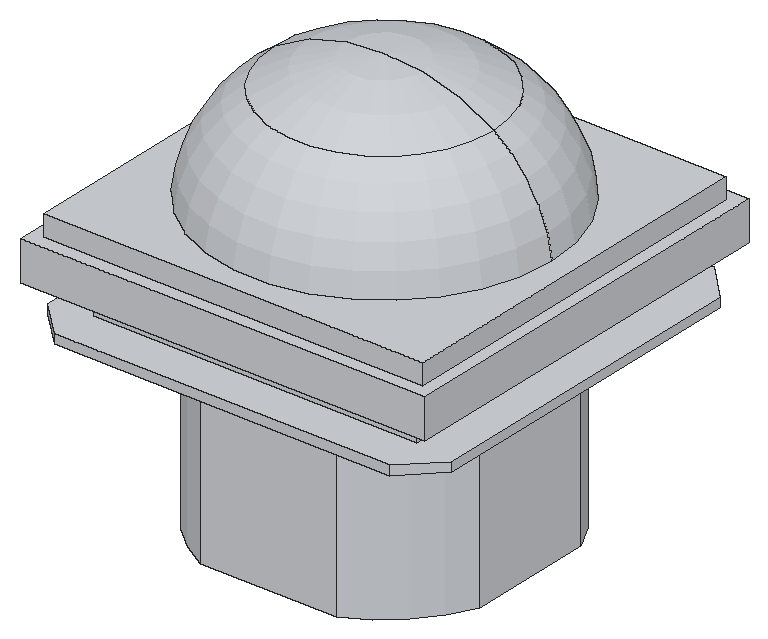
Revit family "Gira_126566", category Electrical Fixtures, host Face, Revit 2017
Family settings
  Host = Face
  Maintain Annotation Orientation = Yes
  Round Connector Dimension = Use Diameter
  Part Type = Normal
  Cut with Voids When Loaded = No
  Shared = No
  Room Calculation Point = No
Parameters (values of type "Farbkamera Türstation Gira TX_44 (WG UP) Reinweiß")
  Werkstoff = "sonstige"
  URL = "http://katalog.gira.de/de_DE/datenblatt.html?artikelnr=126566"
  Region = "DE"
  Name = "Farbkamera Türstation Gira TX_44 (WG UP) Reinweiß"
  Montageart = "Einbau"
  Manufacturer URL = "https://www.gira.de/"
  Keynote = "TX44_Komplettgerät_Kamera"
  Installationstechnik = "Bus-System"
  HeinzeBIM = "https://bimportal.heinze.de/bim/farbkamera-tuerstation-gira-tx-44-wg-up-reinweiss/17e3f4063c877b01f21bf8ef42e4291bcc6c2846"
  HAN = "126566"
  GTIN = "4010337265665"
  Farbe = "weiß"
  Default Elevation = 1219.2 mm
  Data sheet (1) = "https://katalog.gira.de/de_DE/download.html?artikelnr=126566"
  Category = "Externe Kamera für Türkommunikation"
  Available = "Yes"
Reference planes
  plane 1 "Center (Front/Back)": y = 0
  plane 2: z = 0
  plane 3 "Center (Left/Right)": x = 0
Forms (mm)
  Revolve 1, solid, detail levels fine
    sketch origin (0, 0, 0) x (1, 0, 0) y (0, 0, 1)
      loop
        arc (0, 32.748) -> (-9.934, 31.444) -> (-19.061, 27.309) r 34.111
        arc (-19.061, 27.309) -> (-26.095, 20.079) -> (-29.256, 10.5) r 22.465
        line (-29.256, 10.5) -> (0, 10.5) -> (0, 32.748)
      axis (0, 32.748) -> (0, 10.5)
    angle from 0 to 360
  Extrusion 2, solid, detail levels fine
    sketch origin (0, 0, 0) x (1, 0, 0) y (0, 1, 0)
      loop
        line (-33.15, 33.15) -> (-33.15, -33.15) -> (33.15, -33.15) -> (33.15, 33.15) -> (-33.15, 33.15)
    from 6.9 to 10.5
  Extrusion 3, solid, detail levels fine
    sketch origin (0, 0, 0) x (1, 0, 0) y (0, 1, 0)
      loop
        line (-35.383, -35.464) -> (35.383, -35.464) -> (35.383, 35.383) -> (-35.383, 35.383) -> (-35.383, -35.464)
    from 0 to 6.9
  Extrusion 4, solid, detail levels fine
    sketch origin (0, 0, 0) x (1, 0, 0) y (0, 1, 0)
      loop
        line (-25.6, 11.011) -> (-25.6, -11.175)
        arc (-25.6, -11.175) -> (-20.039, -19.494) -> (-11.9, -25.317) r 27.9
        line (-11.9, -25.317) -> (11.9, -25.317)
        arc (11.9, -25.317) -> (20.039, -19.494) -> (25.6, -11.175) r 27.9
        line (25.6, -11.175) -> (25.6, 11.011)
        arc (25.6, 11.011) -> (19.903, 19.47) -> (11.547, 25.317) r 27.9
        line (11.547, 25.317) -> (-11.547, 25.317)
        arc (-11.547, 25.317) -> (-19.903, 19.47) -> (-25.6, 11.011) r 27.9
    from -40.35 to -7.55
  Extrusion 5, solid, detail levels fine
    sketch origin (0, 0, 0) x (1, 0, 0) y (0, 1, 0)
      loop
        line (-29.35, 35.268) -> (-35.35, 29.268) -> (-35.35, -29.432) -> (-29.35, -35.432) -> (29.35, -35.432) -> (35.35, -29.432) -> (35.35, 29.268) -> (29.35, 35.268) -> (-29.35, 35.268)
    from -7.55 to -5.95
  Extrusion 6, solid, detail levels medium+fine
    sketch origin (0, 0, 0) x (1, 0, 0) y (0, 1, 0)
      loop
        line (-28.231, 28.231) -> (-28.231, -28.231) -> (28.231, -28.231) -> (28.231, 28.231) -> (-28.231, 28.231)
    from -5.95 to 0
  Extrusion 7, solid, detail levels fine
    sketch origin (0, 0, 0) x (1, 0, 0) y (0, 0, 1)
      loop
        line (-7.147, -40.35) -> (-7.147, -46.05) -> (7.153, -46.05) -> (7.153, -40.35) -> (-7.147, -40.35)
    from -22.856 to -17.807
  Extrusion 8, solid, detail levels medium
    sketch origin (0, 0, 0) x (1, 0, 0) y (0, 1, 0)
      loop
        line (-25.6, -25.317) -> (25.6, -25.317) -> (25.6, 25.317) -> (-25.6, 25.317) -> (-25.6, -25.317)
    from -46.05 to -7.55
  Extrusion 9, solid, detail levels medium
    sketch origin (0, 0, 0) x (1, 0, 0) y (0, 1, 0)
      loop
        line (35.35, 35.268) -> (-35.35, 35.268) -> (-35.35, -35.432) -> (35.35, -35.432) -> (35.35, 35.268)
    from -7.55 to -5.95
  Extrusion 10, solid, detail levels medium
    sketch origin (0, 0, 0) x (1, 0, 0) y (0, 1, 0)
      loop
        line (-35.383, -35.464) -> (35.383, -35.464) -> (35.383, 35.383) -> (-35.383, 35.383) -> (-35.383, -35.464)
    from 0 to 10.5
  Extrusion 11, solid, detail levels medium
    sketch origin (0, 0, 0) x (1, 0, 0) y (0, 1, 0)
      loop
        circle (0, 0) r 29.256
    from 10.5 to 32.8
  Extrusion 12, solid, detail levels coarse
    sketch origin (0, 0, 0) x (1, 0, 0) y (0, 1, 0)
      loop
        line (-35.383, -35.464) -> (35.383, -35.464) -> (35.383, 35.383) -> (-35.383, 35.383) -> (-35.383, -35.464)
    from -46.05 to 32.8
Dimensions and locks
  aligned and locked: plane 2 to host face
  aligned and locked: level to host face
  aligned and locked: plane 3 "Center (Left/Right)" to nested 1
  aligned and locked: plane 1 "Center (Front/Back)" to nested 1
Nested families
  nested 1: "Kamera" at (0, 0, 0), type "Kamera"
Connectors
  electrical at (0, -0.041, -46.05)
    settings: on Extrusion 12, index 1, voltage 220 V, apparent load 0 VA, apparent load phase1 0 VA, apparent load phase2 0 VA, apparent load phase3 0 VA, power factor 1, load classification "Other", number of poles 1, system type 30, power factor state 1, is connector primary yes, connector utility no, sub classification motor no, connector description ""
Definition of nested family "Kamera"
  Reference planes
    plane 1: y = 0
    plane 2: x = 0
  Lines and regions (mm)
    detail lines
      curve 1: line (-2.625, 3, 0) -> (-2.625, 0, 0)
      curve 2: line (-2.625, 0, 0) -> (1.746, 0, 0)
      curve 3: line (-2.625, 3, 0) -> (1.746, 3, 0)
      curve 4: line (-1.736, 2.158, 0) -> (-1.736, 0.828, 0)
      curve 5: line (-1.736, 2.158, 0) -> (1.478, 2.158, 0)
      curve 6: line (-1.736, 0.828, 0) -> (1.478, 0.828, 0)
      curve 7: line (1.746, 3, 0) -> (1.746, 2.3, 0)
      curve 8: line (1.478, 2.158, 0) -> (2.625, 2.768, 0)
      curve 9: line (2.625, 0.218, 0) -> (2.625, 2.768, 0)
      curve 10: line (1.478, 0.828, 0) -> (2.625, 0.218, 0)
      curve 11: line (1.746, 0, 0) -> (1.746, 0.685, 0)
